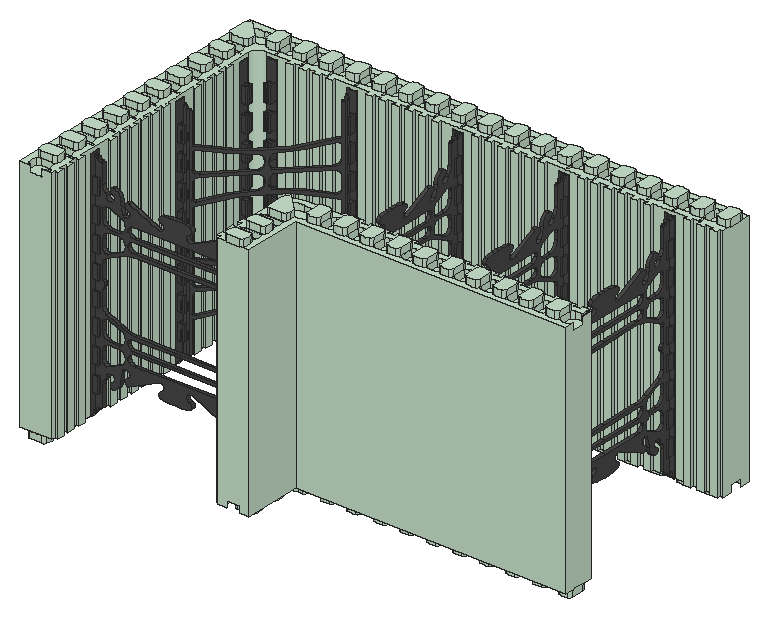
Revit family (continued)
Definition of nested family "NUDURA Diamond Pattern Missing Two lines"
  Lines and regions (in)
    model lines
      curve 83: line (3.69709, -5.625, 10.35858) -> (3.35367, -5.625, 10.01517)
      curve 84: arc (4.17062, -5.625, 10.30178) -> (3.99384, -5.625, 10.375) -> (3.81706, -5.625, 10.30178) r 0.25
      curve 85: line (3.81706, -5.625, 10.30178) -> (3.44206, -5.625, 9.92678)
      curve 86: arc (3.44206, -5.625, 9.92678) -> (3.36884, -5.625, 9.75) -> (3.44206, -5.625, 9.57322) r 0.25
      curve 87: line (3.44206, -5.625, 9.57322) -> (3.81706, -5.625, 9.19822)
      curve 88: arc (3.81706, -5.625, 9.19822) -> (3.99384, -5.625, 9.125) -> (4.17062, -5.625, 9.19822) r 0.25
      curve 89: line (4.17062, -5.625, 9.19822) -> (4.54562, -5.625, 9.57322)
      curve 90: arc (4.54562, -5.625, 9.57322) -> (4.61884, -5.625, 9.75) -> (4.54562, -5.625, 9.92678) r 0.25
      curve 91: line (4.54562, -5.625, 9.92678) -> (4.17062, -5.625, 10.30178)
      curve 92: arc (3.69709, -5.625, 8.85858) -> (3.75567, -5.625, 9) -> (3.69709, -5.625, 9.14142) r 0.2
      curve 93: line (4.634, -5.625, 8.51517) -> (4.29059, -5.625, 8.85858)
      curve 94: arc (4.634, -5.625, 7.98484) -> (4.74384, -5.625, 8.25) -> (4.634, -5.625, 8.51517) r 0.375
      curve 95: line (4.29059, -5.625, 7.64142) -> (4.634, -5.625, 7.98484)
      curve 96: line (3.35367, -5.625, 7.98484) -> (3.69709, -5.625, 7.64142)
      curve 97: arc (3.35367, -5.625, 8.51517) -> (3.24384, -5.625, 8.25) -> (3.35367, -5.625, 7.98484) r 0.375
      curve 98: line (3.69709, -5.625, 8.85858) -> (3.35367, -5.625, 8.51517)
      curve 99: arc (4.17062, -5.625, 8.80178) -> (3.99384, -5.625, 8.875) -> (3.81706, -5.625, 8.80178) r 0.25
      curve 100: line (3.81706, -5.625, 8.80178) -> (3.44206, -5.625, 8.42678)
      curve 101: arc (3.44206, -5.625, 8.42678) -> (3.36884, -5.625, 8.25) -> (3.44206, -5.625, 8.07322) r 0.25
      curve 102: line (3.44206, -5.625, 8.07322) -> (3.81706, -5.625, 7.69822)
      curve 103: arc (3.81706, -5.625, 7.69822) -> (3.99384, -5.625, 7.625) -> (4.17062, -5.625, 7.69822) r 0.25
      curve 104: line (4.17062, -5.625, 7.69822) -> (4.54562, -5.625, 8.07322)
      curve 105: arc (4.54562, -5.625, 8.07322) -> (4.61884, -5.625, 8.25) -> (4.54562, -5.625, 8.42678) r 0.25
      curve 106: line (4.54562, -5.625, 8.42678) -> (4.17062, -5.625, 8.80178)
      curve 107: arc (3.69709, -5.625, 7.35858) -> (3.75567, -5.625, 7.5) -> (3.69709, -5.625, 7.64142) r 0.2
      curve 108: line (4.634, -5.625, 7.01517) -> (4.29059, -5.625, 7.35858)
      curve 109: arc (4.634, -5.625, 6.48484) -> (4.74384, -5.625, 6.75) -> (4.634, -5.625, 7.01517) r 0.375
      curve 110: line (4.29059, -5.625, 6.14142) -> (4.634, -5.625, 6.48484)
      curve 111: line (3.35367, -5.625, 6.48484) -> (3.69709, -5.625, 6.14142)
      curve 112: arc (3.35367, -5.625, 7.01517) -> (3.24384, -5.625, 6.75) -> (3.35367, -5.625, 6.48484) r 0.375
      curve 113: line (3.69709, -5.625, 7.35858) -> (3.35367, -5.625, 7.01517)
      curve 114: arc (4.17062, -5.625, 7.30178) -> (3.99384, -5.625, 7.375) -> (3.81706, -5.625, 7.30178) r 0.25
      curve 115: line (3.81706, -5.625, 7.30178) -> (3.44206, -5.625, 6.92678)
      curve 116: arc (3.44206, -5.625, 6.92678) -> (3.36884, -5.625, 6.75) -> (3.44206, -5.625, 6.57322) r 0.25
      curve 117: line (3.44206, -5.625, 6.57322) -> (3.81706, -5.625, 6.19822)
      curve 118: arc (3.81706, -5.625, 6.19822) -> (3.99384, -5.625, 6.125) -> (4.17062, -5.625, 6.19822) r 0.25
      curve 119: line (4.17062, -5.625, 6.19822) -> (4.54562, -5.625, 6.57322)
      curve 120: arc (4.54562, -5.625, 6.57322) -> (4.61884, -5.625, 6.75) -> (4.54562, -5.625, 6.92678) r 0.25
      curve 121: line (4.54562, -5.625, 6.92678) -> (4.17062, -5.625, 7.30178)
      curve 122: arc (3.69709, -5.625, 5.85858) -> (3.75567, -5.625, 6) -> (3.69709, -5.625, 6.14142) r 0.2
      curve 123: line (4.634, -5.625, 5.51517) -> (4.29059, -5.625, 5.85858)
      curve 124: arc (4.634, -5.625, 4.98484) -> (4.74384, -5.625, 5.25) -> (4.634, -5.625, 5.51517) r 0.375
      curve 125: line (4.29059, -5.625, 4.64142) -> (4.634, -5.625, 4.98484)
      curve 126: line (3.35367, -5.625, 4.98484) -> (3.69709, -5.625, 4.64142)
      curve 127: arc (3.35367, -5.625, 5.51517) -> (3.24384, -5.625, 5.25) -> (3.35367, -5.625, 4.98484) r 0.375
      curve 128: line (3.69709, -5.625, 5.85858) -> (3.35367, -5.625, 5.51517)
      curve 129: arc (4.17062, -5.625, 5.80178) -> (3.99384, -5.625, 5.875) -> (3.81706, -5.625, 5.80178) r 0.25
      curve 130: line (3.81706, -5.625, 5.80178) -> (3.44206, -5.625, 5.42678)
      curve 131: arc (3.44206, -5.625, 5.42678) -> (3.36884, -5.625, 5.25) -> (3.44206, -5.625, 5.07322) r 0.25
      curve 132: line (3.44206, -5.625, 5.07322) -> (3.81706, -5.625, 4.69822)
      curve 133: arc (3.81706, -5.625, 4.69822) -> (3.99384, -5.625, 4.625) -> (4.17062, -5.625, 4.69822) r 0.25
      curve 134: line (4.17062, -5.625, 4.69822) -> (4.54562, -5.625, 5.07322)
      curve 135: arc (4.54562, -5.625, 5.07322) -> (4.61884, -5.625, 5.25) -> (4.54562, -5.625, 5.42678) r 0.25
      curve 136: line (4.54562, -5.625, 5.42678) -> (4.17062, -5.625, 5.80178)
      curve 137: arc (3.69709, -5.625, 4.35858) -> (3.75567, -5.625, 4.5) -> (3.69709, -5.625, 4.64142) r 0.2
      curve 138: line (4.634, -5.625, 4.01517) -> (4.29059, -5.625, 4.35858)
      curve 139: arc (4.634, -5.625, 3.48484) -> (4.74384, -5.625, 3.75) -> (4.634, -5.625, 4.01517) r 0.375
      curve 140: line (4.29059, -5.625, 3.14142) -> (4.634, -5.625, 3.48484)
      curve 141: line (3.35367, -5.625, 3.48484) -> (3.69709, -5.625, 3.14142)
      curve 142: arc (3.35367, -5.625, 4.01517) -> (3.24384, -5.625, 3.75) -> (3.35367, -5.625, 3.48484) r 0.375
      curve 143: line (3.69709, -5.625, 4.35858) -> (3.35367, -5.625, 4.01517)
      curve 144: arc (4.17062, -5.625, 4.30178) -> (3.99384, -5.625, 4.375) -> (3.81706, -5.625, 4.30178) r 0.25
      curve 145: line (3.81706, -5.625, 4.30178) -> (3.44206, -5.625, 3.92678)
      curve 146: arc (3.44206, -5.625, 3.92678) -> (3.36884, -5.625, 3.75) -> (3.44206, -5.625, 3.57322) r 0.25
      curve 147: line (3.44206, -5.625, 3.57322) -> (3.81706, -5.625, 3.19822)
      curve 148: arc (3.81706, -5.625, 3.19822) -> (3.99384, -5.625, 3.125) -> (4.17062, -5.625, 3.19822) r 0.25
      curve 149: line (4.17062, -5.625, 3.19822) -> (4.54562, -5.625, 3.57322)
      curve 150: arc (4.54562, -5.625, 3.57322) -> (4.61884, -5.625, 3.75) -> (4.54562, -5.625, 3.92678) r 0.25
      curve 151: line (4.54562, -5.625, 3.92678) -> (4.17062, -5.625, 4.30178)
      curve 152: arc (3.69709, -5.625, 2.85858) -> (3.75567, -5.625, 3) -> (3.69709, -5.625, 3.14142) r 0.2
      curve 153: line (4.634, -5.625, 2.51517) -> (4.29059, -5.625, 2.85858)
      curve 154: arc (4.634, -5.625, 1.98484) -> (4.74384, -5.625, 2.25) -> (4.634, -5.625, 2.51517) r 0.375
      curve 155: line (4.29059, -5.625, 1.64142) -> (4.634, -5.625, 1.98484)
      curve 156: line (3.35367, -5.625, 1.98484) -> (3.69709, -5.625, 1.64142)
      curve 157: arc (3.35367, -5.625, 2.51517) -> (3.24384, -5.625, 2.25) -> (3.35367, -5.625, 1.98484) r 0.375
      curve 158: line (3.69709, -5.625, 2.85858) -> (3.35367, -5.625, 2.51517)
      curve 159: arc (4.17062, -5.625, 2.80178) -> (3.99384, -5.625, 2.875) -> (3.81706, -5.625, 2.80178) r 0.25
      curve 160: line (3.81706, -5.625, 2.80178) -> (3.44206, -5.625, 2.42678)
      curve 161: arc (3.44206, -5.625, 2.42678) -> (3.36884, -5.625, 2.25) -> (3.44206, -5.625, 2.07322) r 0.25
      curve 162: line (3.44206, -5.625, 2.07322) -> (3.81706, -5.625, 1.69822)
      curve 163: arc (3.81706, -5.625, 1.69822) -> (3.99384, -5.625, 1.625) -> (4.17062, -5.625, 1.69822) r 0.25
      curve 164: line (4.17062, -5.625, 1.69822) -> (4.54562, -5.625, 2.07322)
      curve 165: arc (4.54562, -5.625, 2.07322) -> (4.61884, -5.625, 2.25) -> (4.54562, -5.625, 2.42678) r 0.25
      curve 166: line (4.54562, -5.625, 2.42678) -> (4.17062, -5.625, 2.80178)
      curve 167: arc (3.69709, -5.625, 1.35858) -> (3.75567, -5.625, 1.5) -> (3.69709, -5.625, 1.64142) r 0.2
      curve 168: line (3.69709, -5.625, 1.35858) -> (3.35367, -5.625, 1.01517)
      curve 169: arc (3.35367, -5.625, 1.01517) -> (3.24384, -5.625, 0.75) -> (3.35367, -5.625, 0.48484) r 0.375
      curve 170: line (3.35367, -5.625, 0.48484) -> (3.72867, -5.625, 0.10984)
      curve 171: arc (3.72867, -5.625, 0.10984) -> (3.99384, -5.625, 0) -> (4.259, -5.625, 0.10984) r 0.375
      curve 172: line (4.259, -5.625, 0.10984) -> (4.634, -5.625, 0.48484)
      curve 173: arc (4.634, -5.625, 0.48484) -> (4.74384, -5.625, 0.75) -> (4.634, -5.625, 1.01517) r 0.375
      curve 174: line (4.634, -5.625, 1.01517) -> (4.29059, -5.625, 1.35858)
      curve 175: arc (4.29059, -5.625, 1.64142) -> (4.23201, -5.625, 1.5) -> (4.29059, -5.625, 1.35858) r 0.2
      curve 176: arc (4.17062, -5.625, 1.30178) -> (3.99384, -5.625, 1.375) -> (3.81706, -5.625, 1.30178) r 0.25
      curve 177: line (4.54562, -5.625, 0.92678) -> (4.17062, -5.625, 1.30178)
      curve 178: arc (4.54562, -5.625, 0.57322) -> (4.61884, -5.625, 0.75) -> (4.54562, -5.625, 0.92678) r 0.25
      curve 179: line (4.17062, -5.625, 0.19822) -> (4.54562, -5.625, 0.57322)
      curve 180: arc (3.81706, -5.625, 0.19822) -> (3.99384, -5.625, 0.125) -> (4.17062, -5.625, 0.19822) r 0.25
      curve 181: line (3.44206, -5.625, 0.57322) -> (3.81706, -5.625, 0.19822)
      curve 182: arc (3.44206, -5.625, 0.92678) -> (3.36884, -5.625, 0.75) -> (3.44206, -5.625, 0.57322) r 0.25
      curve 183: line (3.81706, -5.625, 1.30178) -> (3.44206, -5.625, 0.92678)
      curve 184: arc (4.29059, -5.625, 3.14142) -> (4.23201, -5.625, 3) -> (4.29059, -5.625, 2.85858) r 0.2
      curve 185: arc (4.29059, -5.625, 4.64142) -> (4.23201, -5.625, 4.5) -> (4.29059, -5.625, 4.35858) r 0.2
      curve 186: arc (4.29059, -5.625, 6.14142) -> (4.23201, -5.625, 6) -> (4.29059, -5.625, 5.85858) r 0.2
      curve 187: arc (4.29059, -5.625, 7.64142) -> (4.23201, -5.625, 7.5) -> (4.29059, -5.625, 7.35858) r 0.2
      curve 188: arc (4.29059, -5.625, 9.14142) -> (4.23201, -5.625, 9) -> (4.29059, -5.625, 8.85858) r 0.2
      curve 189: arc (4.29059, -5.625, 10.64142) -> (4.23201, -5.625, 10.5) -> (4.29059, -5.625, 10.35858) r 0.2
      curve 190: arc (4.29059, -5.625, 12.14142) -> (4.23201, -5.625, 12) -> (4.29059, -5.625, 11.85858) r 0.2
      curve 191: arc (4.29059, -5.625, 13.64142) -> (4.23201, -5.625, 13.5) -> (4.29059, -5.625, 13.35858) r 0.2
      curve 192: arc (4.29059, -5.625, 15.14142) -> (4.23201, -5.625, 15) -> (4.29059, -5.625, 14.85858) r 0.2
      curve 193: arc (4.29059, -5.625, 16.64142) -> (4.23201, -5.625, 16.5) -> (4.29059, -5.625, 16.35858) r 0.2
Definition of nested family "NUDURA Diamond Pattern Missing Left Line"
  Reference planes (in)
    plane 1 "Center (Front/Back)": y = 0
    plane 2: z = 0
    plane 3 "Center (Left/Right)": x = 0
    plane 4: z = 18
  Lines and regions (in)
    model lines
      curve 1: line (8, -5.625, 18) -> (8, -5.625, 0)
      curve 2: line (6, -5.625, 18) -> (6, -5.625, 0)
      curve 3: line (3.35367, -5.625, 16.98484) -> (3.69709, -5.625, 16.64142)
      curve 4: arc (3.35367, -5.625, 17.51517) -> (3.24384, -5.625, 17.25) -> (3.35367, -5.625, 16.98484) r 0.375
      curve 5: line (3.72867, -5.625, 17.89017) -> (3.35367, -5.625, 17.51517)
      curve 6: arc (4.259, -5.625, 17.89017) -> (3.99384, -5.625, 18) -> (3.72867, -5.625, 17.89017) r 0.375
      curve 7: line (4.634, -5.625, 17.51517) -> (4.259, -5.625, 17.89017)
      curve 8: arc (4.634, -5.625, 16.98484) -> (4.74384, -5.625, 17.25) -> (4.634, -5.625, 17.51517) r 0.375
      curve 9: line (4.29059, -5.625, 16.64142) -> (4.634, -5.625, 16.98484)
      curve 10: arc (4.17062, -5.625, 17.80178) -> (3.99384, -5.625, 17.875) -> (3.81706, -5.625, 17.80178) r 0.25
      curve 11: line (4.54562, -5.625, 17.42678) -> (4.17062, -5.625, 17.80178)
      curve 12: arc (4.54562, -5.625, 17.07322) -> (4.61884, -5.625, 17.25) -> (4.54562, -5.625, 17.42678) r 0.25
      curve 13: line (4.17062, -5.625, 16.69822) -> (4.54562, -5.625, 17.07322)
      curve 14: arc (3.81706, -5.625, 16.69822) -> (3.99384, -5.625, 16.625) -> (4.17062, -5.625, 16.69822) r 0.25
      curve 15: line (3.44206, -5.625, 17.07322) -> (3.81706, -5.625, 16.69822)
      curve 16: arc (3.44206, -5.625, 17.42678) -> (3.36884, -5.625, 17.25) -> (3.44206, -5.625, 17.07322) r 0.25
      curve 17: line (3.81706, -5.625, 17.80178) -> (3.44206, -5.625, 17.42678)
      curve 18: arc (3.69709, -5.625, 16.35858) -> (3.75567, -5.625, 16.5) -> (3.69709, -5.625, 16.64142) r 0.2
      curve 19: line (4.634, -5.625, 16.01517) -> (4.29059, -5.625, 16.35858)
      curve 20: arc (4.634, -5.625, 15.48484) -> (4.74384, -5.625, 15.75) -> (4.634, -5.625, 16.01517) r 0.375
      curve 21: line (4.29059, -5.625, 15.14142) -> (4.634, -5.625, 15.48484)
      curve 22: line (3.35367, -5.625, 15.48484) -> (3.69709, -5.625, 15.14142)
      curve 23: arc (3.35367, -5.625, 16.01517) -> (3.24384, -5.625, 15.75) -> (3.35367, -5.625, 15.48484) r 0.375
      curve 24: line (3.69709, -5.625, 16.35858) -> (3.35367, -5.625, 16.01517)
      curve 25: arc (4.17062, -5.625, 16.30178) -> (3.99384, -5.625, 16.375) -> (3.81706, -5.625, 16.30178) r 0.25
      curve 26: line (3.81706, -5.625, 16.30178) -> (3.44206, -5.625, 15.92678)
      curve 27: arc (3.44206, -5.625, 15.92678) -> (3.36884, -5.625, 15.75) -> (3.44206, -5.625, 15.57322) r 0.25
      curve 28: line (3.44206, -5.625, 15.57322) -> (3.81706, -5.625, 15.19822)
      curve 29: arc (3.81706, -5.625, 15.19822) -> (3.99384, -5.625, 15.125) -> (4.17062, -5.625, 15.19822) r 0.25
      curve 30: line (4.17062, -5.625, 15.19822) -> (4.54562, -5.625, 15.57322)
      curve 31: arc (4.54562, -5.625, 15.57322) -> (4.61884, -5.625, 15.75) -> (4.54562, -5.625, 15.92678) r 0.25
      curve 32: line (4.54562, -5.625, 15.92678) -> (4.17062, -5.625, 16.30178)
      curve 33: arc (3.69709, -5.625, 14.85858) -> (3.75567, -5.625, 15) -> (3.69709, -5.625, 15.14142) r 0.2
      curve 34: line (4.634, -5.625, 14.51517) -> (4.29059, -5.625, 14.85858)
      curve 35: arc (4.634, -5.625, 13.98484) -> (4.74384, -5.625, 14.25) -> (4.634, -5.625, 14.51517) r 0.375
      curve 36: line (4.29059, -5.625, 13.64142) -> (4.634, -5.625, 13.98484)
      curve 37: line (3.35367, -5.625, 13.98484) -> (3.69709, -5.625, 13.64142)
      curve 38: arc (3.35367, -5.625, 14.51517) -> (3.24384, -5.625, 14.25) -> (3.35367, -5.625, 13.98484) r 0.375
      curve 39: line (3.69709, -5.625, 14.85858) -> (3.35367, -5.625, 14.51517)
      curve 40: arc (4.17062, -5.625, 14.80178) -> (3.99384, -5.625, 14.875) -> (3.81706, -5.625, 14.80178) r 0.25
      curve 41: line (3.81706, -5.625, 14.80178) -> (3.44206, -5.625, 14.42678)
      curve 42: arc (3.44206, -5.625, 14.42678) -> (3.36884, -5.625, 14.25) -> (3.44206, -5.625, 14.07322) r 0.25
      curve 43: line (3.44206, -5.625, 14.07322) -> (3.81706, -5.625, 13.69822)
      curve 44: arc (3.81706, -5.625, 13.69822) -> (3.99384, -5.625, 13.625) -> (4.17062, -5.625, 13.69822) r 0.25
      curve 45: line (4.17062, -5.625, 13.69822) -> (4.54562, -5.625, 14.07322)
      curve 46: arc (4.54562, -5.625, 14.07322) -> (4.61884, -5.625, 14.25) -> (4.54562, -5.625, 14.42678) r 0.25
      curve 47: line (4.54562, -5.625, 14.42678) -> (4.17062, -5.625, 14.80178)
      curve 48: arc (3.69709, -5.625, 13.35858) -> (3.75567, -5.625, 13.5) -> (3.69709, -5.625, 13.64142) r 0.2
      curve 49: line (4.634, -5.625, 13.01517) -> (4.29059, -5.625, 13.35858)
      curve 50: arc (4.634, -5.625, 12.48484) -> (4.74384, -5.625, 12.75) -> (4.634, -5.625, 13.01517) r 0.375
      curve 51: line (4.29059, -5.625, 12.14142) -> (4.634, -5.625, 12.48484)
      curve 52: line (3.35367, -5.625, 12.48484) -> (3.69709, -5.625, 12.14142)
      curve 53: arc (3.35367, -5.625, 13.01517) -> (3.24384, -5.625, 12.75) -> (3.35367, -5.625, 12.48484) r 0.375
      curve 54: line (3.69709, -5.625, 13.35858) -> (3.35367, -5.625, 13.01517)
      curve 55: arc (4.17062, -5.625, 13.30178) -> (3.99384, -5.625, 13.375) -> (3.81706, -5.625, 13.30178) r 0.25
      curve 56: line (3.81706, -5.625, 13.30178) -> (3.44206, -5.625, 12.92678)
      curve 57: arc (3.44206, -5.625, 12.92678) -> (3.36884, -5.625, 12.75) -> (3.44206, -5.625, 12.57322) r 0.25
      curve 58: line (3.44206, -5.625, 12.57322) -> (3.81706, -5.625, 12.19822)
      curve 59: arc (3.81706, -5.625, 12.19822) -> (3.99384, -5.625, 12.125) -> (4.17062, -5.625, 12.19822) r 0.25
      curve 60: line (4.17062, -5.625, 12.19822) -> (4.54562, -5.625, 12.57322)
      curve 61: arc (4.54562, -5.625, 12.57322) -> (4.61884, -5.625, 12.75) -> (4.54562, -5.625, 12.92678) r 0.25
      curve 62: line (4.54562, -5.625, 12.92678) -> (4.17062, -5.625, 13.30178)
      curve 63: arc (3.69709, -5.625, 11.85858) -> (3.75567, -5.625, 12) -> (3.69709, -5.625, 12.14142) r 0.2
      curve 64: line (4.634, -5.625, 11.51517) -> (4.29059, -5.625, 11.85858)
      curve 65: arc (4.634, -5.625, 10.98484) -> (4.74384, -5.625, 11.25) -> (4.634, -5.625, 11.51517) r 0.375
      curve 66: line (4.29059, -5.625, 10.64142) -> (4.634, -5.625, 10.98484)
      curve 67: line (3.35367, -5.625, 10.98484) -> (3.69709, -5.625, 10.64142)
      curve 68: arc (3.35367, -5.625, 11.51517) -> (3.24384, -5.625, 11.25) -> (3.35367, -5.625, 10.98484) r 0.375
      curve 69: line (3.69709, -5.625, 11.85858) -> (3.35367, -5.625, 11.51517)
      curve 70: arc (4.17062, -5.625, 11.80178) -> (3.99384, -5.625, 11.875) -> (3.81706, -5.625, 11.80178) r 0.25
      curve 71: line (3.81706, -5.625, 11.80178) -> (3.44206, -5.625, 11.42678)
      curve 72: arc (3.44206, -5.625, 11.42678) -> (3.36884, -5.625, 11.25) -> (3.44206, -5.625, 11.07322) r 0.25
      curve 73: line (3.44206, -5.625, 11.07322) -> (3.81706, -5.625, 10.69822)
      curve 74: arc (3.81706, -5.625, 10.69822) -> (3.99384, -5.625, 10.625) -> (4.17062, -5.625, 10.69822) r 0.25
      curve 75: line (4.17062, -5.625, 10.69822) -> (4.54562, -5.625, 11.07322)
      curve 76: arc (4.54562, -5.625, 11.07322) -> (4.61884, -5.625, 11.25) -> (4.54562, -5.625, 11.42678) r 0.25
      curve 77: line (4.54562, -5.625, 11.42678) -> (4.17062, -5.625, 11.80178)
      curve 78: arc (3.69709, -5.625, 10.35858) -> (3.75567, -5.625, 10.5) -> (3.69709, -5.625, 10.64142) r 0.2
      curve 79: line (4.634, -5.625, 10.01517) -> (4.29059, -5.625, 10.35858)
      curve 80: arc (4.634, -5.625, 9.48484) -> (4.74384, -5.625, 9.75) -> (4.634, -5.625, 10.01517) r 0.375
      curve 81: line (4.29059, -5.625, 9.14142) -> (4.634, -5.625, 9.48484)
      curve 82: line (3.35367, -5.625, 9.48484) -> (3.69709, -5.625, 9.14142)
      curve 83: arc (3.35367, -5.625, 10.01517) -> (3.24384, -5.625, 9.75) -> (3.35367, -5.625, 9.48484) r 0.375
      curve 84: line (3.69709, -5.625, 10.35858) -> (3.35367, -5.625, 10.01517)
      curve 85: arc (4.17062, -5.625, 10.30178) -> (3.99384, -5.625, 10.375) -> (3.81706, -5.625, 10.30178) r 0.25
      curve 86: line (3.81706, -5.625, 10.30178) -> (3.44206, -5.625, 9.92678)
      curve 87: arc (3.44206, -5.625, 9.92678) -> (3.36884, -5.625, 9.75) -> (3.44206, -5.625, 9.57322) r 0.25
      curve 88: line (3.44206, -5.625, 9.57322) -> (3.81706, -5.625, 9.19822)
      curve 89: arc (3.81706, -5.625, 9.19822) -> (3.99384, -5.625, 9.125) -> (4.17062, -5.625, 9.19822) r 0.25
      curve 90: line (4.17062, -5.625, 9.19822) -> (4.54562, -5.625, 9.57322)
      curve 91: arc (4.54562, -5.625, 9.57322) -> (4.61884, -5.625, 9.75) -> (4.54562, -5.625, 9.92678) r 0.25
      curve 92: line (4.54562, -5.625, 9.92678) -> (4.17062, -5.625, 10.30178)
      curve 93: arc (3.69709, -5.625, 8.85858) -> (3.75567, -5.625, 9) -> (3.69709, -5.625, 9.14142) r 0.2
      curve 94: line (4.634, -5.625, 8.51517) -> (4.29059, -5.625, 8.85858)
      curve 95: arc (4.634, -5.625, 7.98484) -> (4.74384, -5.625, 8.25) -> (4.634, -5.625, 8.51517) r 0.375
      curve 96: line (4.29059, -5.625, 7.64142) -> (4.634, -5.625, 7.98484)
      curve 97: line (3.35367, -5.625, 7.98484) -> (3.69709, -5.625, 7.64142)
      curve 98: arc (3.35367, -5.625, 8.51517) -> (3.24384, -5.625, 8.25) -> (3.35367, -5.625, 7.98484) r 0.375
      curve 99: line (3.69709, -5.625, 8.85858) -> (3.35367, -5.625, 8.51517)
      curve 100: arc (4.17062, -5.625, 8.80178) -> (3.99384, -5.625, 8.875) -> (3.81706, -5.625, 8.80178) r 0.25
      curve 101: line (3.81706, -5.625, 8.80178) -> (3.44206, -5.625, 8.42678)
      curve 102: arc (3.44206, -5.625, 8.42678) -> (3.36884, -5.625, 8.25) -> (3.44206, -5.625, 8.07322) r 0.25
      curve 103: line (3.44206, -5.625, 8.07322) -> (3.81706, -5.625, 7.69822)
      curve 104: arc (3.81706, -5.625, 7.69822) -> (3.99384, -5.625, 7.625) -> (4.17062, -5.625, 7.69822) r 0.25
      curve 105: line (4.17062, -5.625, 7.69822) -> (4.54562, -5.625, 8.07322)
      curve 106: arc (4.54562, -5.625, 8.07322) -> (4.61884, -5.625, 8.25) -> (4.54562, -5.625, 8.42678) r 0.25
      curve 107: line (4.54562, -5.625, 8.42678) -> (4.17062, -5.625, 8.80178)
      curve 108: arc (3.69709, -5.625, 7.35858) -> (3.75567, -5.625, 7.5) -> (3.69709, -5.625, 7.64142) r 0.2
      curve 109: line (4.634, -5.625, 7.01517) -> (4.29059, -5.625, 7.35858)
      curve 110: arc (4.634, -5.625, 6.48484) -> (4.74384, -5.625, 6.75) -> (4.634, -5.625, 7.01517) r 0.375
      curve 111: line (4.29059, -5.625, 6.14142) -> (4.634, -5.625, 6.48484)
      curve 112: line (3.35367, -5.625, 6.48484) -> (3.69709, -5.625, 6.14142)
      curve 113: arc (3.35367, -5.625, 7.01517) -> (3.24384, -5.625, 6.75) -> (3.35367, -5.625, 6.48484) r 0.375
      curve 114: line (3.69709, -5.625, 7.35858) -> (3.35367, -5.625, 7.01517)
      curve 115: arc (4.17062, -5.625, 7.30178) -> (3.99384, -5.625, 7.375) -> (3.81706, -5.625, 7.30178) r 0.25
      curve 116: line (3.81706, -5.625, 7.30178) -> (3.44206, -5.625, 6.92678)
      curve 117: arc (3.44206, -5.625, 6.92678) -> (3.36884, -5.625, 6.75) -> (3.44206, -5.625, 6.57322) r 0.25
      curve 118: line (3.44206, -5.625, 6.57322) -> (3.81706, -5.625, 6.19822)
      curve 119: arc (3.81706, -5.625, 6.19822) -> (3.99384, -5.625, 6.125) -> (4.17062, -5.625, 6.19822) r 0.25
      curve 120: line (4.17062, -5.625, 6.19822) -> (4.54562, -5.625, 6.57322)
      curve 121: arc (4.54562, -5.625, 6.57322) -> (4.61884, -5.625, 6.75) -> (4.54562, -5.625, 6.92678) r 0.25
      curve 122: line (4.54562, -5.625, 6.92678) -> (4.17062, -5.625, 7.30178)
      curve 123: arc (3.69709, -5.625, 5.85858) -> (3.75567, -5.625, 6) -> (3.69709, -5.625, 6.14142) r 0.2
      curve 124: line (4.634, -5.625, 5.51517) -> (4.29059, -5.625, 5.85858)
      curve 125: arc (4.634, -5.625, 4.98484) -> (4.74384, -5.625, 5.25) -> (4.634, -5.625, 5.51517) r 0.375
      curve 126: line (4.29059, -5.625, 4.64142) -> (4.634, -5.625, 4.98484)
      curve 127: line (3.35367, -5.625, 4.98484) -> (3.69709, -5.625, 4.64142)
      curve 128: arc (3.35367, -5.625, 5.51517) -> (3.24384, -5.625, 5.25) -> (3.35367, -5.625, 4.98484) r 0.375
      curve 129: line (3.69709, -5.625, 5.85858) -> (3.35367, -5.625, 5.51517)
      curve 130: arc (4.17062, -5.625, 5.80178) -> (3.99384, -5.625, 5.875) -> (3.81706, -5.625, 5.80178) r 0.25
      curve 131: line (3.81706, -5.625, 5.80178) -> (3.44206, -5.625, 5.42678)
      curve 132: arc (3.44206, -5.625, 5.42678) -> (3.36884, -5.625, 5.25) -> (3.44206, -5.625, 5.07322) r 0.25
      curve 133: line (3.44206, -5.625, 5.07322) -> (3.81706, -5.625, 4.69822)
      curve 134: arc (3.81706, -5.625, 4.69822) -> (3.99384, -5.625, 4.625) -> (4.17062, -5.625, 4.69822) r 0.25
      curve 135: line (4.17062, -5.625, 4.69822) -> (4.54562, -5.625, 5.07322)
      curve 136: arc (4.54562, -5.625, 5.07322) -> (4.61884, -5.625, 5.25) -> (4.54562, -5.625, 5.42678) r 0.25
      curve 137: line (4.54562, -5.625, 5.42678) -> (4.17062, -5.625, 5.80178)
      curve 138: arc (3.69709, -5.625, 4.35858) -> (3.75567, -5.625, 4.5) -> (3.69709, -5.625, 4.64142) r 0.2
      curve 139: line (4.634, -5.625, 4.01517) -> (4.29059, -5.625, 4.35858)
      curve 140: arc (4.634, -5.625, 3.48484) -> (4.74384, -5.625, 3.75) -> (4.634, -5.625, 4.01517) r 0.375
      curve 141: line (4.29059, -5.625, 3.14142) -> (4.634, -5.625, 3.48484)
      curve 142: line (3.35367, -5.625, 3.48484) -> (3.69709, -5.625, 3.14142)
      curve 143: arc (3.35367, -5.625, 4.01517) -> (3.24384, -5.625, 3.75) -> (3.35367, -5.625, 3.48484) r 0.375
      curve 144: line (3.69709, -5.625, 4.35858) -> (3.35367, -5.625, 4.01517)
      curve 145: arc (4.17062, -5.625, 4.30178) -> (3.99384, -5.625, 4.375) -> (3.81706, -5.625, 4.30178) r 0.25
      curve 146: line (3.81706, -5.625, 4.30178) -> (3.44206, -5.625, 3.92678)
      curve 147: arc (3.44206, -5.625, 3.92678) -> (3.36884, -5.625, 3.75) -> (3.44206, -5.625, 3.57322) r 0.25
      curve 148: line (3.44206, -5.625, 3.57322) -> (3.81706, -5.625, 3.19822)
      curve 149: arc (3.81706, -5.625, 3.19822) -> (3.99384, -5.625, 3.125) -> (4.17062, -5.625, 3.19822) r 0.25
      curve 150: line (4.17062, -5.625, 3.19822) -> (4.54562, -5.625, 3.57322)
      curve 151: arc (4.54562, -5.625, 3.57322) -> (4.61884, -5.625, 3.75) -> (4.54562, -5.625, 3.92678) r 0.25
      curve 152: line (4.54562, -5.625, 3.92678) -> (4.17062, -5.625, 4.30178)
      curve 153: arc (3.69709, -5.625, 2.85858) -> (3.75567, -5.625, 3) -> (3.69709, -5.625, 3.14142) r 0.2
      curve 154: line (4.634, -5.625, 2.51517) -> (4.29059, -5.625, 2.85858)
      curve 155: arc (4.634, -5.625, 1.98484) -> (4.74384, -5.625, 2.25) -> (4.634, -5.625, 2.51517) r 0.375
      curve 156: line (4.29059, -5.625, 1.64142) -> (4.634, -5.625, 1.98484)
      curve 157: line (3.35367, -5.625, 1.98484) -> (3.69709, -5.625, 1.64142)
      curve 158: arc (3.35367, -5.625, 2.51517) -> (3.24384, -5.625, 2.25) -> (3.35367, -5.625, 1.98484) r 0.375
      curve 159: line (3.69709, -5.625, 2.85858) -> (3.35367, -5.625, 2.51517)
      curve 160: arc (4.17062, -5.625, 2.80178) -> (3.99384, -5.625, 2.875) -> (3.81706, -5.625, 2.80178) r 0.25
      curve 161: line (3.81706, -5.625, 2.80178) -> (3.44206, -5.625, 2.42678)
      curve 162: arc (3.44206, -5.625, 2.42678) -> (3.36884, -5.625, 2.25) -> (3.44206, -5.625, 2.07322) r 0.25
      curve 163: line (3.44206, -5.625, 2.07322) -> (3.81706, -5.625, 1.69822)
      curve 164: arc (3.81706, -5.625, 1.69822) -> (3.99384, -5.625, 1.625) -> (4.17062, -5.625, 1.69822) r 0.25
      curve 165: line (4.17062, -5.625, 1.69822) -> (4.54562, -5.625, 2.07322)
      curve 166: arc (4.54562, -5.625, 2.07322) -> (4.61884, -5.625, 2.25) -> (4.54562, -5.625, 2.42678) r 0.25
      curve 167: line (4.54562, -5.625, 2.42678) -> (4.17062, -5.625, 2.80178)
      curve 168: arc (3.69709, -5.625, 1.35858) -> (3.75567, -5.625, 1.5) -> (3.69709, -5.625, 1.64142) r 0.2
      curve 169: line (3.69709, -5.625, 1.35858) -> (3.35367, -5.625, 1.01517)
      curve 170: arc (3.35367, -5.625, 1.01517) -> (3.24384, -5.625, 0.75) -> (3.35367, -5.625, 0.48484) r 0.375
      curve 171: line (3.35367, -5.625, 0.48484) -> (3.72867, -5.625, 0.10984)
      curve 172: arc (3.72867, -5.625, 0.10984) -> (3.99384, -5.625, 0) -> (4.259, -5.625, 0.10984) r 0.375
      curve 173: line (4.259, -5.625, 0.10984) -> (4.634, -5.625, 0.48484)
      curve 174: arc (4.634, -5.625, 0.48484) -> (4.74384, -5.625, 0.75) -> (4.634, -5.625, 1.01517) r 0.375
      curve 175: line (4.634, -5.625, 1.01517) -> (4.29059, -5.625, 1.35858)
      curve 176: arc (4.29059, -5.625, 1.64142) -> (4.23201, -5.625, 1.5) -> (4.29059, -5.625, 1.35858) r 0.2
      curve 177: arc (4.17062, -5.625, 1.30178) -> (3.99384, -5.625, 1.375) -> (3.81706, -5.625, 1.30178) r 0.25
      curve 178: line (4.54562, -5.625, 0.92678) -> (4.17062, -5.625, 1.30178)
      curve 179: arc (4.54562, -5.625, 0.57322) -> (4.61884, -5.625, 0.75) -> (4.54562, -5.625, 0.92678) r 0.25
      curve 180: line (4.17062, -5.625, 0.19822) -> (4.54562, -5.625, 0.57322)
      curve 181: arc (3.81706, -5.625, 0.19822) -> (3.99384, -5.625, 0.125) -> (4.17062, -5.625, 0.19822) r 0.25
      curve 182: line (3.44206, -5.625, 0.57322) -> (3.81706, -5.625, 0.19822)
      curve 183: arc (3.44206, -5.625, 0.92678) -> (3.36884, -5.625, 0.75) -> (3.44206, -5.625, 0.57322) r 0.25
      curve 184: line (3.81706, -5.625, 1.30178) -> (3.44206, -5.625, 0.92678)
      curve 185: arc (4.29059, -5.625, 3.14142) -> (4.23201, -5.625, 3) -> (4.29059, -5.625, 2.85858) r 0.2
      curve 186: arc (4.29059, -5.625, 4.64142) -> (4.23201, -5.625, 4.5) -> (4.29059, -5.625, 4.35858) r 0.2
      curve 187: arc (4.29059, -5.625, 6.14142) -> (4.23201, -5.625, 6) -> (4.29059, -5.625, 5.85858) r 0.2
      curve 188: arc (4.29059, -5.625, 7.64142) -> (4.23201, -5.625, 7.5) -> (4.29059, -5.625, 7.35858) r 0.2
      curve 189: arc (4.29059, -5.625, 9.14142) -> (4.23201, -5.625, 9) -> (4.29059, -5.625, 8.85858) r 0.2
      curve 190: arc (4.29059, -5.625, 10.64142) -> (4.23201, -5.625, 10.5) -> (4.29059, -5.625, 10.35858) r 0.2
      curve 191: arc (4.29059, -5.625, 12.14142) -> (4.23201, -5.625, 12) -> (4.29059, -5.625, 11.85858) r 0.2
      curve 192: arc (4.29059, -5.625, 13.64142) -> (4.23201, -5.625, 13.5) -> (4.29059, -5.625, 13.35858) r 0.2
      curve 193: arc (4.29059, -5.625, 15.14142) -> (4.23201, -5.625, 15) -> (4.29059, -5.625, 14.85858) r 0.2
      curve 194: arc (4.29059, -5.625, 16.64142) -> (4.23201, -5.625, 16.5) -> (4.29059, -5.625, 16.35858) r 0.2
Definition of nested family "NUDURA Logo Diamond"
  Reference planes (in)
    plane 1 "Center (Front/Back)": y = 0
    plane 2: z = 0
    plane 3 "Center (Left/Right)": x = 0
  Lines and regions (in)
    model lines
      curve 1: line (12.59848, 0, 17.50104) -> (12.24492, 0, 17.85459)
      curve 2: line (12.36113, 0, 16.76872) -> (12.59848, 0, 17.00607)
      curve 3: line (12.59848, 0, 16.00104) -> (12.36113, 0, 16.23839)
      curve 4: line (12.36113, 0, 15.26872) -> (12.59848, 0, 15.50607)
      curve 5: line (12.59848, 0, 14.50104) -> (12.36113, 0, 14.73839)
      curve 6: line (12.36113, 0, 13.76872) -> (12.59848, 0, 14.00607)
      curve 7: line (12.17421, 0, 13.28388) -> (12.71208, 0, 12.74602)
      curve 8: line (12.71208, 0, 12.74602) -> (12.78279, 0, 12.81673)
      curve 9: line (11.28279, 0, 12.74602) -> (11.82066, 0, 13.28388)
      curve 10: line (11.63374, 0, 13.23839) -> (11.21208, 0, 12.81673)
      curve 11: line (11.3964, 0, 14.00607) -> (11.63374, 0, 13.76872)
      curve 12: line (11.63374, 0, 14.73839) -> (11.3964, 0, 14.50104)
      curve 13: line (11.3964, 0, 15.50607) -> (11.63374, 0, 15.26872)
      curve 14: line (11.63374, 0, 16.23839) -> (11.3964, 0, 16.00104)
      curve 15: line (11.3964, 0, 17.00607) -> (11.63374, 0, 16.76872)
      curve 16: line (11.74995, 0, 17.85459) -> (11.3964, 0, 17.50104)
      curve 17: line (11.82066, 0, 17.78388) -> (11.46711, 0, 17.43033)
      curve 18: line (12.52777, 0, 17.43033) -> (12.17421, 0, 17.78388)
      curve 19: line (12.17421, 0, 16.72322) -> (12.52777, 0, 17.07678)
      curve 20: line (11.46711, 0, 17.07678) -> (11.82066, 0, 16.72322)
      curve 21: arc (11.3964, 0, 17.50104) -> (11.29388, 0, 17.25355) -> (11.3964, 0, 17.00607) r 0.35
      curve 22: arc (11.74995, 0, 17.85459) -> (11.99744, 0, 17.95711) -> (12.24492, 0, 17.85459) r 0.35
      curve 23: arc (11.46711, 0, 17.43033) -> (11.39388, 0, 17.25355) -> (11.46711, 0, 17.07678) r 0.25
      curve 24: arc (12.52777, 0, 17.43033) -> (12.60099, 0, 17.25355) -> (12.52777, 0, 17.07678) r 0.25
      curve 25: arc (12.17421, 0, 16.72322) -> (11.99744, 0, 16.65) -> (11.82066, 0, 16.72322) r 0.25
      curve 26: arc (11.82066, 0, 17.78388) -> (11.99744, 0, 17.85711) -> (12.17421, 0, 17.78388) r 0.25
      curve 27: arc (12.59848, 0, 17.50104) -> (12.70099, 0, 17.25355) -> (12.59848, 0, 17.00607) r 0.35
      curve 28: arc (11.63374, 0, 16.76872) -> (11.74358, 0, 16.50355) -> (11.63374, 0, 16.23839) r 0.375
      curve 29: arc (12.36113, 0, 16.76872) -> (12.2513, 0, 16.50355) -> (12.36113, 0, 16.23839) r 0.375
      curve 30: line (12.36113, 0, 15.26872) -> (12.59848, 0, 15.50607)
      curve 31: line (11.3964, 0, 15.50607) -> (11.63374, 0, 15.26872)
      curve 32: line (11.82066, 0, 16.28388) -> (11.46711, 0, 15.93033)
      curve 33: line (12.52777, 0, 15.93033) -> (12.17421, 0, 16.28388)
      curve 34: line (12.17421, 0, 15.22322) -> (12.52777, 0, 15.57678)
      curve 35: line (11.46711, 0, 15.57678) -> (11.82066, 0, 15.22322)
      curve 36: arc (11.3964, 0, 16.00104) -> (11.29388, 0, 15.75355) -> (11.3964, 0, 15.50607) r 0.35
      curve 37: arc (11.46711, 0, 15.93033) -> (11.39388, 0, 15.75355) -> (11.46711, 0, 15.57678) r 0.25
      curve 38: arc (12.52777, 0, 15.93033) -> (12.60099, 0, 15.75355) -> (12.52777, 0, 15.57678) r 0.25
      curve 39: arc (12.17421, 0, 15.22322) -> (11.99744, 0, 15.15) -> (11.82066, 0, 15.22322) r 0.25
      curve 40: arc (11.82066, 0, 16.28388) -> (11.99744, 0, 16.35711) -> (12.17421, 0, 16.28388) r 0.25
      curve 41: arc (12.59848, 0, 16.00104) -> (12.70099, 0, 15.75355) -> (12.59848, 0, 15.50607) r 0.35
      curve 42: line (11.63374, 0, 16.23839) -> (11.3964, 0, 16.00104)
      curve 43: line (12.59848, 0, 16.00104) -> (12.36113, 0, 16.23839)
      curve 44: arc (11.63374, 0, 15.26872) -> (11.74358, 0, 15.00355) -> (11.63374, 0, 14.73839) r 0.375
      curve 45: arc (12.36113, 0, 15.26872) -> (12.2513, 0, 15.00355) -> (12.36113, 0, 14.73839) r 0.375
      curve 46: line (12.36113, 0, 13.76872) -> (12.59848, 0, 14.00607)
      curve 47: line (11.3964, 0, 14.00607) -> (11.63374, 0, 13.76872)
      curve 48: line (11.82066, 0, 14.78388) -> (11.46711, 0, 14.43033)
      curve 49: line (12.52777, 0, 14.43033) -> (12.17421, 0, 14.78388)
      curve 50: line (12.17421, 0, 13.72322) -> (12.52777, 0, 14.07678)
      curve 51: line (11.46711, 0, 14.07678) -> (11.82066, 0, 13.72322)
      curve 52: arc (11.3964, 0, 14.50104) -> (11.29388, 0, 14.25355) -> (11.3964, 0, 14.00607) r 0.35
      curve 53: arc (11.46711, 0, 14.43033) -> (11.39388, 0, 14.25355) -> (11.46711, 0, 14.07678) r 0.25
      curve 54: arc (12.52777, 0, 14.43033) -> (12.60099, 0, 14.25355) -> (12.52777, 0, 14.07678) r 0.25
      curve 55: arc (12.17421, 0, 13.72322) -> (11.99744, 0, 13.65) -> (11.82066, 0, 13.72322) r 0.25
      curve 56: arc (11.82066, 0, 14.78388) -> (11.99744, 0, 14.85711) -> (12.17421, 0, 14.78388) r 0.25
      curve 57: arc (12.59848, 0, 14.50104) -> (12.70099, 0, 14.25355) -> (12.59848, 0, 14.00607) r 0.35
      curve 58: line (11.63374, 0, 14.73839) -> (11.3964, 0, 14.50104)
      curve 59: arc (11.63374, 0, 13.76872) -> (11.74358, 0, 13.50355) -> (11.63374, 0, 13.23839) r 0.375
      curve 60: arc (12.36113, 0, 13.76872) -> (12.2513, 0, 13.50355) -> (12.36113, 0, 13.23839) r 0.375
      curve 61: line (12.78279, 0, 12.81673) -> (12.36113, 0, 13.23839)
      curve 62: line (11.21208, 0, 12.81673) -> (11.28279, 0, 12.74602)
      curve 63: arc (11.82066, 0, 13.28388) -> (11.99744, 0, 13.35711) -> (12.17421, 0, 13.28388) r 0.25
      curve 64: line (12.59848, 0, 0.50607) -> (12.24492, 0, 0.15251)
      curve 65: line (12.36113, 0, 1.23839) -> (12.59848, 0, 1.00104)
      curve 66: line (12.59848, 0, 2.00607) -> (12.36113, 0, 1.76872)
      curve 67: line (12.36113, 0, 2.73839) -> (12.59848, 0, 2.50104)
      curve 68: line (12.59848, 0, 3.50607) -> (12.36113, 0, 3.26872)
      curve 69: line (12.36113, 0, 4.23839) -> (12.59848, 0, 4.00104)
      curve 70: line (12.17421, 0, 4.72322) -> (12.71208, 0, 5.26109)
      curve 71: line (12.71208, 0, 5.26109) -> (12.78279, 0, 5.19038)
      curve 72: line (11.28279, 0, 5.26109) -> (11.82066, 0, 4.72322)
      curve 73: line (11.63374, 0, 4.76872) -> (11.21208, 0, 5.19038)
      curve 74: line (11.3964, 0, 4.00104) -> (11.63374, 0, 4.23839)
      curve 75: line (11.63374, 0, 3.26872) -> (11.3964, 0, 3.50607)
      curve 76: line (11.3964, 0, 2.50104) -> (11.63374, 0, 2.73839)
      curve 77: line (11.63374, 0, 1.76872) -> (11.3964, 0, 2.00607)
      curve 78: line (11.3964, 0, 1.00104) -> (11.63374, 0, 1.23839)
      curve 79: line (11.74995, 0, 0.15251) -> (11.3964, 0, 0.50607)
      curve 80: line (11.82066, 0, 0.22322) -> (11.46711, 0, 0.57678)
      curve 81: line (12.52777, 0, 0.57678) -> (12.17421, 0, 0.22322)
      curve 82: line (12.17421, 0, 1.28388) -> (12.52777, 0, 0.93033)
      curve 83: line (11.46711, 0, 0.93033) -> (11.82066, 0, 1.28388)
      curve 84: arc (11.3964, 0, 0.50607) -> (11.29388, 0, 0.75355) -> (11.3964, 0, 1.00104) r 0.35
      curve 85: arc (11.74995, 0, 0.15251) -> (11.99744, 0, 0.05) -> (12.24492, 0, 0.15251) r 0.35
      curve 86: arc (11.46711, 0, 0.57678) -> (11.39388, 0, 0.75355) -> (11.46711, 0, 0.93033) r 0.25
      curve 87: arc (12.52777, 0, 0.57678) -> (12.60099, 0, 0.75355) -> (12.52777, 0, 0.93033) r 0.25
      curve 88: arc (12.17421, 0, 1.28388) -> (11.99744, 0, 1.35711) -> (11.82066, 0, 1.28388) r 0.25
      curve 89: arc (11.82066, 0, 0.22322) -> (11.99744, 0, 0.15) -> (12.17421, 0, 0.22322) r 0.25
      curve 90: arc (12.59848, 0, 0.50607) -> (12.70099, 0, 0.75355) -> (12.59848, 0, 1.00104) r 0.35
      curve 91: arc (11.63374, 0, 1.23839) -> (11.74358, 0, 1.50355) -> (11.63374, 0, 1.76872) r 0.375
      curve 92: arc (12.36113, 0, 1.23839) -> (12.2513, 0, 1.50355) -> (12.36113, 0, 1.76872) r 0.375
      curve 93: line (12.36113, 0, 2.73839) -> (12.59848, 0, 2.50104)
      curve 94: line (11.3964, 0, 2.50104) -> (11.63374, 0, 2.73839)
      curve 95: line (11.82066, 0, 1.72322) -> (11.46711, 0, 2.07678)
      curve 96: line (12.52777, 0, 2.07678) -> (12.17421, 0, 1.72322)
      curve 97: line (12.17421, 0, 2.78388) -> (12.52777, 0, 2.43033)
      curve 98: line (11.46711, 0, 2.43033) -> (11.82066, 0, 2.78388)
      curve 99: arc (11.3964, 0, 2.00607) -> (11.29388, 0, 2.25355) -> (11.3964, 0, 2.50104) r 0.35
      curve 100: arc (11.46711, 0, 2.07678) -> (11.39388, 0, 2.25355) -> (11.46711, 0, 2.43033) r 0.25
      curve 101: arc (12.52777, 0, 2.07678) -> (12.60099, 0, 2.25355) -> (12.52777, 0, 2.43033) r 0.25
      curve 102: arc (12.17421, 0, 2.78388) -> (11.99744, 0, 2.85711) -> (11.82066, 0, 2.78388) r 0.25
      curve 103: arc (11.82066, 0, 1.72322) -> (11.99744, 0, 1.65) -> (12.17421, 0, 1.72322) r 0.25
      curve 104: arc (12.59848, 0, 2.00607) -> (12.70099, 0, 2.25355) -> (12.59848, 0, 2.50104) r 0.35
      curve 105: line (11.63374, 0, 1.76872) -> (11.3964, 0, 2.00607)
      curve 106: line (12.59848, 0, 2.00607) -> (12.36113, 0, 1.76872)
      curve 107: arc (11.63374, 0, 2.73839) -> (11.74358, 0, 3.00355) -> (11.63374, 0, 3.26872) r 0.375
      curve 108: arc (12.36113, 0, 2.73839) -> (12.2513, 0, 3.00355) -> (12.36113, 0, 3.26872) r 0.375
      curve 109: line (12.36113, 0, 4.23839) -> (12.59848, 0, 4.00104)
      curve 110: line (11.3964, 0, 4.00104) -> (11.63374, 0, 4.23839)
      curve 111: line (11.82066, 0, 3.22322) -> (11.46711, 0, 3.57678)
      curve 112: line (12.52777, 0, 3.57678) -> (12.17421, 0, 3.22322)
      curve 113: line (12.17421, 0, 4.28388) -> (12.52777, 0, 3.93033)
      curve 114: line (11.46711, 0, 3.93033) -> (11.82066, 0, 4.28388)
      curve 115: arc (11.3964, 0, 3.50607) -> (11.29388, 0, 3.75355) -> (11.3964, 0, 4.00104) r 0.35
      curve 116: arc (11.46711, 0, 3.57678) -> (11.39388, 0, 3.75355) -> (11.46711, 0, 3.93033) r 0.25
      curve 117: arc (12.52777, 0, 3.57678) -> (12.60099, 0, 3.75355) -> (12.52777, 0, 3.93033) r 0.25
      curve 118: arc (12.17421, 0, 4.28388) -> (11.99744, 0, 4.35711) -> (11.82066, 0, 4.28388) r 0.25
      curve 119: arc (11.82066, 0, 3.22322) -> (11.99744, 0, 3.15) -> (12.17421, 0, 3.22322) r 0.25
      curve 120: arc (12.59848, 0, 3.50607) -> (12.70099, 0, 3.75355) -> (12.59848, 0, 4.00104) r 0.35
      curve 121: line (11.63374, 0, 3.26872) -> (11.3964, 0, 3.50607)
      curve 122: arc (11.63374, 0, 4.23839) -> (11.74358, 0, 4.50355) -> (11.63374, 0, 4.76872) r 0.375
      curve 123: arc (12.36113, 0, 4.23839) -> (12.2513, 0, 4.50355) -> (12.36113, 0, 4.76872) r 0.375
      curve 124: line (12.78279, 0, 5.19038) -> (12.36113, 0, 4.76872)
      curve 125: line (11.21208, 0, 5.19038) -> (11.28279, 0, 5.26109)
      curve 126: arc (11.82066, 0, 4.72322) -> (11.99744, 0, 4.65) -> (12.17421, 0, 4.72322) r 0.25
      curve 127: line (12.37244, 0, 12.50355) -> (11.62244, 0, 12.50355)
      curve 128: line (12.74744, 0, 5.87855) -> (12.74744, 0, 12.12855)
      curve 129: line (11.24744, 0, 12.12855) -> (11.24744, 0, 5.87855)
      curve 130: line (11.62244, 0, 5.50355) -> (12.37244, 0, 5.50355)
      curve 131: line (12.47232, 0, 12.00355) -> (12.0393, 0, 12.25355)
      curve 132: line (12.47232, 0, 11.50355) -> (12.47232, 0, 12.00355)
      curve 133: line (12.25581, 0, 11.37855) -> (12.47232, 0, 11.50355)
      curve 134: line (12.02256, 0, 11.51322) -> (12.25581, 0, 11.37855)
      curve 135: line (12.22232, 0, 11.62855) -> (12.02256, 0, 11.51322)
      curve 136: line (11.80605, 0, 12.11888) -> (12.22232, 0, 11.87855)
      curve 137: line (12.22232, 0, 11.87855) -> (12.22232, 0, 11.62855)
      curve 138: line (12.0393, 0, 12.25355) -> (11.80605, 0, 12.11888)
      curve 139: line (11.77256, 0, 11.63822) -> (11.97232, 0, 11.75355)
      curve 140: line (11.97232, 0, 11.75355) -> (11.73906, 0, 11.88822)
      curve 141: line (11.73906, 0, 11.88822) -> (11.52256, 0, 11.76322)
      curve 142: line (11.52256, 0, 11.76322) -> (11.52256, 0, 11.26322)
      curve 143: line (11.77256, 0, 11.38822) -> (11.77256, 0, 11.63822)
      curve 144: line (12.18882, 0, 11.14789) -> (11.77256, 0, 11.38822)
      curve 145: line (11.95557, 0, 11.01322) -> (12.18882, 0, 11.14789)
      curve 146: line (11.52256, 0, 11.26322) -> (11.95557, 0, 11.01322)
      curve 147: line (12.31108, 0, 10.60411) -> (11.68379, 0, 10.74458)
      curve 148: line (11.68379, 0, 10.74458) -> (11.68379, 0, 10.51321)
      curve 149: line (11.68379, 0, 10.51321) -> (12.1295, 0, 10.41405)
      curve 150: line (12.1295, 0, 10.41405) -> (11.68379, 0, 10.27358)
      curve 151: line (11.68379, 0, 10.27358) -> (11.68379, 0, 9.8852)
      curve 152: line (11.68379, 0, 9.8852) -> (12.17077, 0, 9.77615)
      curve 153: line (12.17077, 0, 9.77615) -> (12.17077, 0, 9.74472)
      curve 154: line (12.17077, 0, 9.74472) -> (11.86146, 0, 9.80279)
      curve 155: line (11.68379, 0, 9.65536) -> (11.68379, 0, 9.35864)
      curve 156: line (12.07077, 0, 8.74385) -> (12.07077, 0, 8.99996)
      curve 157: line (12.07077, 0, 8.99996) -> (11.68379, 0, 9.08605)
      curve 158: line (11.68379, 0, 9.08605) -> (11.68379, 0, 8.47809)
      curve 159: line (11.91823, 0, 9.06589) -> (12.31108, 0, 8.97792)
      curve 160: line (11.82444, 0, 8.55476) -> (11.82444, 0, 8.79865)
      curve 161: line (11.82444, 0, 8.79865) -> (12.07077, 0, 8.74385)
      curve 162: line (11.68379, 0, 8.07193) -> (11.68379, 0, 7.77522)
      curve 163: line (11.91823, 0, 7.48247) -> (12.21108, 0, 7.41688)
      curve 164: line (12.21108, 0, 7.41688) -> (12.21108, 0, 6.95405)
      curve 165: line (12.16108, 0, 6.90405) -> (12.12077, 0, 6.90405)
      curve 166: line (12.07077, 0, 6.95405) -> (12.07077, 0, 7.08675)
      curve 167: line (12.07077, 0, 7.08675) -> (12.12077, 0, 7.07556)
      curve 168: line (12.12077, 0, 7.07556) -> (12.12077, 0, 7.33463)
      curve 169: line (12.12077, 0, 7.33463) -> (11.68379, 0, 7.43249)
      curve 170: line (11.68379, 0, 7.43249) -> (11.68379, 0, 7.17341)
      curve 171: line (11.68379, 0, 7.17341) -> (11.97077, 0, 7.10915)
      curve 172: line (11.97077, 0, 7.10915) -> (11.97077, 0, 6.99425)
      curve 173: line (11.92077, 0, 6.94425) -> (11.68379, 0, 6.94425)
      curve 174: line (11.68379, 0, 6.94425) -> (11.68379, 0, 6.45682)
      curve 175: line (11.68379, 0, 6.45682) -> (11.78284, 0, 6.38658)
      curve 176: line (11.78284, 0, 6.38658) -> (11.78284, 0, 6.05178)
      curve 177: line (12.12371, 0, 6.14486) -> (11.88284, 0, 6.31567)
      curve 178: line (11.88284, 0, 6.31567) -> (11.88284, 0, 6.07909)
      curve 179: line (11.88284, 0, 6.07909) -> (12.12371, 0, 6.14486)
      curve 180: line (11.78284, 0, 6.05178) -> (11.68379, 0, 6.02474)
      curve 181: line (11.68379, 0, 6.02474) -> (11.68379, 0, 5.75355)
      curve 182: line (11.68379, 0, 5.75355) -> (12.31108, 0, 5.92483)
      curve 183: line (12.31108, 0, 5.92483) -> (12.31108, 0, 6.28791)
      curve 184: line (12.31108, 0, 6.28791) -> (11.76249, 0, 6.67694)
      curve 185: line (11.76249, 0, 6.67694) -> (11.90321, 0, 6.67694)
      curve 186: line (12.31108, 0, 6.78674) -> (12.31108, 0, 7.63562)
      curve 187: line (12.31108, 0, 7.63562) -> (11.90258, 0, 7.7271)
      curve 188: line (11.82444, 0, 7.82469) -> (11.82444, 0, 7.92839)
      curve 189: line (11.88536, 0, 7.97718) -> (12.31108, 0, 7.88185)
      curve 190: line (12.31108, 0, 7.88185) -> (12.31108, 0, 8.13496)
      curve 191: line (12.31108, 0, 8.13496) -> (12.08042, 0, 8.17826)
      curve 192: line (12.31108, 0, 8.38353) -> (12.31108, 0, 8.9465)
      curve 193: line (12.31108, 0, 8.9465) -> (12.17077, 0, 8.97771)
      curve 194: line (12.17077, 0, 8.97771) -> (12.17077, 0, 8.55476)
      curve 195: line (12.31108, 0, 8.97792) -> (12.31108, 0, 9.21905)
      curve 196: line (12.31108, 0, 9.21905) -> (11.90258, 0, 9.31053)
      curve 197: line (11.82444, 0, 9.40811) -> (11.82444, 0, 9.51182)
      curve 198: line (11.87938, 0, 9.56195) -> (12.31108, 0, 9.46528)
      curve 199: line (12.31108, 0, 9.46528) -> (12.31108, 0, 9.98469)
      curve 200: line (12.31108, 0, 9.98469) -> (11.90664, 0, 10.07526)
      curve 201: line (11.90664, 0, 10.07526) -> (12.31108, 0, 10.20747)
      curve 202: line (12.31108, 0, 10.20747) -> (12.31108, 0, 10.60411)
      curve 203: arc (11.68379, 0, 9.65536) -> (11.73801, 0, 9.7708) -> (11.86146, 0, 9.80279) r 0.15
      curve 204: arc (11.68379, 0, 9.35864) -> (11.74962, 0, 9.17112) -> (11.91823, 0, 9.06589) r 0.3
      curve 205: arc (11.84417, 0, 8.22149) -> (11.72718, 0, 8.32679) -> (11.68379, 0, 8.47809) r 0.28547
      curve 206: arc (11.68379, 0, 8.07193) -> (11.73147, 0, 8.18158) -> (11.84417, 0, 8.22149) r 0.14992
      curve 207: arc (11.68379, 0, 7.77522) -> (11.74962, 0, 7.58769) -> (11.91823, 0, 7.48247) r 0.3
      curve 208: arc (11.82444, 0, 7.82469) -> (11.84638, 0, 7.76218) -> (11.90258, 0, 7.7271) r 0.1
      curve 209: arc (11.82444, 0, 7.92839) -> (11.84318, 0, 7.96742) -> (11.88536, 0, 7.97718) r 0.05
      curve 210: arc (12.12077, 0, 6.90405) -> (12.08541, 0, 6.91869) -> (12.07077, 0, 6.95405) r 0.05
      curve 211: arc (12.16108, 0, 6.90405) -> (12.19644, 0, 6.91869) -> (12.21108, 0, 6.95405) r 0.05
      curve 212: arc (11.97077, 0, 6.99425) -> (11.95612, 0, 6.95889) -> (11.92077, 0, 6.94425) r 0.05
      curve 213: arc (11.90321, 0, 6.67694) -> (11.96756, 0, 6.70069) -> (12.00104, 0, 6.76055) r 0.09904
      curve 214: arc (12.00104, 0, 6.76055) -> (12.1681, 0, 6.63117) -> (12.31108, 0, 6.78674) r 0.15613
      curve 215: arc (12.08042, 0, 8.17826) -> (12.24181, 0, 8.22914) -> (12.31108, 0, 8.38353) r 0.20667
      curve 216: arc (11.82444, 0, 8.55476) -> (11.9976, 0, 8.3816) -> (12.17077, 0, 8.55476) r 0.17317
      curve 217: arc (11.82444, 0, 9.40811) -> (11.84638, 0, 9.34561) -> (11.90258, 0, 9.31053) r 0.1
      curve 218: arc (11.82444, 0, 9.51182) -> (11.8459, 0, 9.55306) -> (11.892, 0, 9.55913) r 0.05034
      curve 219: arc (11.24744, 0, 12.12855) -> (11.35727, 0, 12.39372) -> (11.62244, 0, 12.50355) r 0.375
      curve 220: arc (12.37244, 0, 12.50355) -> (12.6376, 0, 12.39372) -> (12.74744, 0, 12.12855) r 0.375
      curve 221: arc (11.24744, 0, 5.87855) -> (11.35727, 0, 5.61339) -> (11.62244, 0, 5.50355) r 0.375
      curve 222: arc (12.37244, 0, 5.50355) -> (12.6376, 0, 5.61339) -> (12.74744, 0, 5.87855) r 0.375
      curve 223: line (9.99744, 0, 18) -> (9.99744, 0, 0)
      curve 224: line (13.99744, 0, 18) -> (13.99744, 0, 0)
      curve 225: line (15.99744, 0, 18) -> (15.99744, 0, 0)
